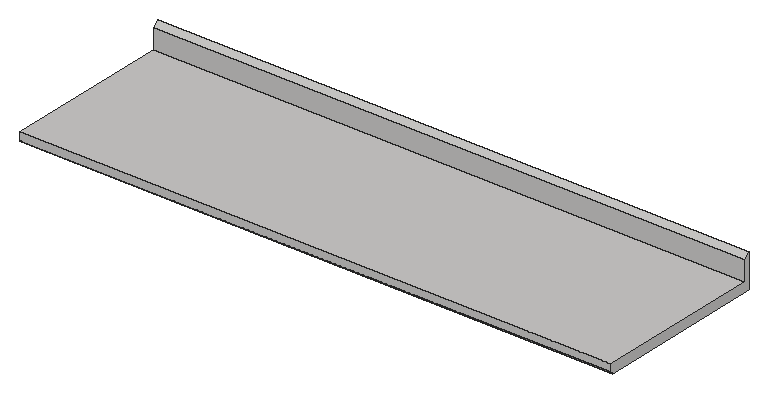
Revit family "QF_ELECTROLUXPROFESSIONAL_121162_TPLA24A", category Attrezzature speciali, Revit 2020
Family settings
  Quota connettore circolare = Usa diametro
  Tipo di parte = Normale
  Basato su piano di lavoro = No
  Sempre verticale = Sì
  Taglio con vuoti quando caricato = No
  Condiviso = No
  Punto di calcolo locali = No
Parameters (values of type "Standard")
  Weight = 77.00 kg
  Watts = 0 W
  Volts = 0 V
  URL Manufacturer = "https://www.electroluxprofessional.com/"
  URL = "https://www.electroluxprofessional.com/"
  Steam Supply Size = 0 mm
  Steam Supply Minimum Pressure = 0.0 Pa
  Steam Supply Maximum Pressure = 0.0 Pa
  Steam Consumption per Hour = 0
  Refrigeration Suction Line Size = 0.0 mm
  Refrigeration Liquid Line Size = 0.0 mm
  Refrigerant Compressor Remote = yes
  Prospetto di default = 0.0 mm
  Phase = 0
  Modello = "TPLA24A"
  Produttore = "Electrolux Professional"
  Length Actual = 2400.0 mm  # constant formula
  Item Number = "121162"
  Hot Water Size = 0 mm
  Height Actual = 140.0 mm  # constant formula
  HP = "0 HP"
  Gas Size = 0 mm
  Gas KW = 0
  Gas Input Pressure = 0 W
  Direct Waste Size = 0 mm
  Descrizione = "WORK TOP WITH UPSTAND 2400MM"
  Depth Actual = 700.0 mm  # constant formula
  Cycle = 0 Hz
  Condensate Return Size = 0 mm
  Compressed Air Volume = 0.0 L/s
  Compressed Air Size = 0 mm
  Compressed Air Pressure = 0.0 Pa
  Cold Water Size = 0 mm
  Accessory = yes
Reference planes
  plane 1 "Center (Front/Back)": y = 0
  plane 2: z = 0
  plane 3 "Center (Left/Right)": x = -700
  plane 4 "LEFT": x = -1900
  plane 5 "RIGHT": x = 500
  plane 6 "BACK": y = 350
  plane 7 "FRONT": y = -350
  plane 8 "TOP": z = 1000
  plane 9: z = 900
  plane 10: z = 860
Forms (mm)
  Extrusion 1, solid, material "QF_Finishes_Stainless Steel"
    sketch origin (-700, 0, 0) x (0, 1, 0) y (0, 0, 1)
      loop
        line (350, 1000) -> (330, 980) -> (330, 900) -> (-350, 900) -> (-350, 870) -> (-340, 860) -> (350, 860) -> (350, 1000)
    from 1200 to -1200
Lines and regions (mm)
  symbolic lines
    curve 1: line (500, 350, 1000) -> (-1900, 350, 1000)
    curve 2: line (-1900, 350, 1000) -> (-1900, -350, 1000)
    curve 3: line (-1900, -350, 1000) -> (500, -350, 1000)
    curve 4: line (500, -350, 1000) -> (500, 350, 1000)
    curve 5: line (-1900, 330, 1000) -> (500, 330, 1000)
Dimensions and locks
  plane 4 "LEFT" to plane 5 "RIGHT" = 2400.0 mm
  equal spacing: plane 4 "LEFT", plane 3 "Center (Left/Right)", plane 5 "RIGHT"
  plane 6 "BACK" to plane 7 "FRONT" = 700.0 mm
  equal spacing: plane 6 "BACK", plane 1 "Center (Front/Back)", plane 7 "FRONT"
  locked: plane 8 "TOP" to plane 9 at 100
  locked: plane 6 "BACK" to Extrusion 1 sketch curve at 20
  plane 10 to level = 860.0 mm
  plane 8 "TOP" to plane 10 = 140.0 mm
  aligned and locked: level to plane 2
  aligned and locked: Extrusion 1 to plane 4 "LEFT"
  aligned and locked: plane 5 "RIGHT" to Extrusion 1
  aligned and locked: curve 2 to plane 4 "LEFT"
  aligned and locked: Extrusion 1 sketch curve to plane 9
  aligned and locked: Extrusion 1 sketch curve to plane 6 "BACK"
  aligned and locked: plane 7 "FRONT" to Extrusion 1 sketch curve
  aligned and locked: plane 10 to Extrusion 1 sketch curve
Automatic sketch dimensions
  curve 3 to plane 7 "FRONT" = 0.0 mm
  curve 4 to plane 5 "RIGHT" = 0.0 mm
  curve 4 to plane 6 "BACK" = 0.0 mm
  curve 5 to plane 6 "BACK" = 20.0 mm
  Extrusion 1 sketch curve to plane 8 "TOP" = 0.0 mm
  Extrusion 1 sketch curve to plane 8 "TOP" = 20.0 mm
  plane 7 "FRONT" to Extrusion 1 sketch curve = 10.0 mm
  level to Extrusion 1 sketch curve = 870.0 mm
